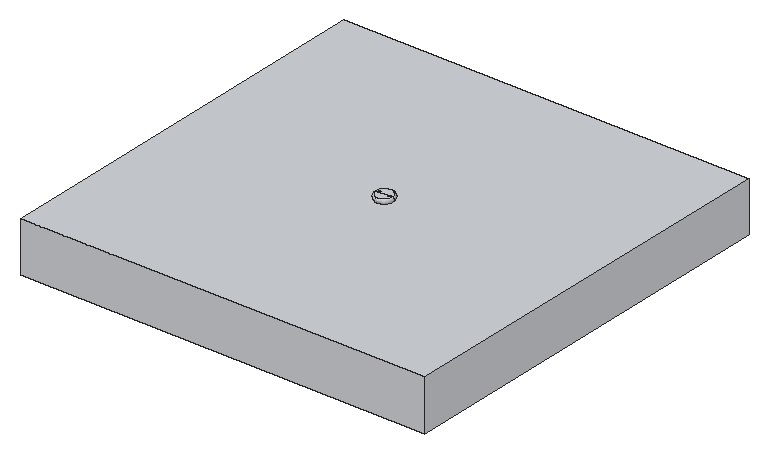
Revit family "M_Sensor de movimento do forro - Voltagem normal", category Dispositivos de iluminação, Revit 2019
Family settings
  Hospedeiro = Face
  Manter orientação da anotação = Sim
  Cota do conector redondo = Utilizar diâmetro
  Tipo de parte = Interruptor
  Número OmniClass = 23.85.80.11.27
  Título OmniClass = Lighting Controls
  ID de item do Seek = Ceiling Occupancy Sensor - Regular Voltage-0000-CAN-ENU
  Corte com vazios quando carregada = Não
  Compartilhado = Não
  Ponto de cálculo do ambiente = Não
Parameters (values of type "Ultra sônico - 277 V")
  Visibilidade 2 = no
  Visibilidade 3 = yes
  Visibilidade 1 = no
  Voltagem do sensor = 277 V
  Número de pólos do sensor = 1
  Classificação de carga = Outros
  Material da Lente = none
  Elevação-padrão = 1200 mm
  Raio do recobrimento = 57 mm
  Material do recobrimento = none
  Altura do recobrimento = 25 mm
  Diâmetro do recobrimento = Raio do recobrimento * 2  # 114 mm
  Carga aparente = 0 VA
Types (7, lengths in mm): name | Visibilidade 2 | Visibilidade 3 | Visibilidade 1 | Voltagem do sensor
  (no name) | no | yes | no | 277 V
  Infravermelho passivo - 120 V | yes | no | yes | 120 V
  Ultra sônico - 120 V | no | yes | no | 120 V
  Tecnologia dual - 120 V | yes | yes | no | 120 V
  Infravermelho passivo - 277 V | yes | no | yes | 277 V
  Ultra sônico - 277 V | no | yes | no | 277 V
  Tecnologia dual - 277 V | yes | yes | no | 277 V
Reference planes
  plane 1 "Centro (Frente/Trás)": y = 0
  plane 2: z = 0
  plane 3 "Centro (Esquerda/Direita)": x = 0
  plane 4: x = 57
  plane 5: x = -57
  plane 6: x = -50.8
  plane 7: x = 50.8
  plane 8: z = 25
  plane 9: z = 12.5
  plane 10: x = 19.05
  plane 11: x = -31.75
  plane 12: x = 31.75
  plane 13: y = 57
  plane 14: y = -57
Forms (mm)
  Extrusion 1, solid
    sketch origin (0, 0, 0) x (1, 0, 0) y (0, 1, 0)
      loop
        line (-1219.2, 1219.2) -> (-1219.2, -1219.2) -> (1219.2, -1219.2) -> (1219.2, 1219.2) -> (-1219.2, 1219.2)
    from 0 to -304.8
  Revolve 2, solid, material <- "Material do recobrimento", visible <- "Visibilidade 3"
    sketch origin (0, 0, 0) x (1, 0, 0) y (0, 0, 1)
      loop
        arc (-50.8, 25) -> (-56.99, 12.5) -> (-50.8, 0) r 15.715
        line (-50.8, 0) -> (0, 0) -> (0, 25) -> (-50.8, 25)
      axis (0, 25) -> (0, 0)
    angle from 0 to 360
  Revolve 3, solid, material <- "Material da Lente", visible <- "Visibilidade 2"
    sketch origin (0, 0, 0) x (1, 0, 0) y (0, 0, 1)
      loop
        line (0, 25) -> (19.05, 25)
        arc (19.05, 25) -> (10.053, 29.78) -> (0, 31.431) r 31.431
        line (0, 31.431) -> (0, 25)
      axis (0, 31.431) -> (0, 25)
    angle from 0 to 360
  Extrusion 4, void
    sketch origin (0, 0, 0) x (1, 0, 0) y (0, 1, 0)
      loop
        circle (-31.75, 0) r 6.35
    from 12.5 to 25
  Extrusion 5, void
    sketch origin (0, 0, 0) x (1, 0, 0) y (0, 1, 0)
      loop
        circle (31.75, 0) r 6.35
    from 12.5 to 25
  Revolve 6, solid, material <- "Material do recobrimento", visible <- "Visibilidade 1"
    sketch origin (0, 0, 0) x (1, 0, 0) y (0, 0, 1)
      loop
        arc (-50.8, 25) -> (-56.99, 12.5) -> (-50.8, 0) r 15.715
        line (-50.8, 0) -> (0, 0) -> (0, 25) -> (-50.8, 25)
      axis (0, 25) -> (0, 0)
    angle from 0 to 360
Cuts and joins
  Extrusion 4, Extrusion 5 cuts Revolve 2
Lines and regions (mm)
  symbolic lines, detail levels coarse+medium
    curve 1: line (-57, 0, 0) -> (0, 57, 0)
    curve 2: line (0, 57, 0) -> (57, 0, 0)
    curve 3: line (57, 0, 0) -> (0, -57, 0)
    curve 4: line (0, -57, 0) -> (-57, 0, 0)
  symbolic lines, detail levels fine
    curve 5: circle (0, 0, 0) r 57 normal (0, 0, 1)
    curve 6: circle (0, 0, 0) r 50.8 normal (0, 0, 1)
  symbolic lines, visible <- "Visibilidade 2", detail levels fine
    curve 7: circle (0, 0, 0) r 19.05 normal (0, 0, 1)
  symbolic lines, visible <- "Visibilidade 3", detail levels fine
    curve 8: circle (31.75, 0, 0) r 6.35 normal (0, 0, 1)
    curve 9: circle (-31.75, 0, 0) r 6.35 normal (0, 0, 1)
Dimensions and locks
  equal spacing: plane 5, plane 3 "Centro (Esquerda/Direita)", plane 4
  "Diâmetro do recobrimento": plane 5 to plane 4
  plane 7 to plane 3 "Centro (Esquerda/Direita)" to plane 6 = 50.8 mm locked, 50.8 mm locked
  locked: plane 10 to plane 3 "Centro (Esquerda/Direita)" at 19.05
  plane 11 to plane 3 "Centro (Esquerda/Direita)" to plane 12 = 31.75 mm locked, 31.75 mm locked
  equal spacing: plane 14, plane 1 "Centro (Frente/Trás)", plane 13
  "Diâmetro do recobrimento": plane 14 to plane 13
  equal spacing: plane 8, plane 9, plane 2
  "Altura do recobrimento": plane 8 to plane 2
  radius of Extrusion 4 sketch curve = 6.35 mm
  radius of Extrusion 5 sketch curve = 6.35 mm
  "Raio do recobrimento": radius of curve 5
  radius of curve 6 = 50.8 mm
  radius of curve 7 = 19.05 mm
  radius of curve 8 = 6.35 mm
  radius of curve 9 = 6.35 mm
  aligned and locked: plane 2 to Extrusion 1
  aligned and locked: level to Extrusion 1
  aligned and locked: Revolve 2 sketch curve to plane 8
  aligned and locked: Extrusion 1 to Revolve 2 sketch curve  (x2)
  aligned and locked: Revolve 2 sketch curve to plane 3 "Centro (Esquerda/Direita)"  (x2)
  aligned and locked: plane 6 to Revolve 2 sketch curve  (x2)
  aligned and locked: plane 8 to Revolve 2 sketch curve
  aligned and locked: Revolve 3 sketch curve to plane 8
  aligned and locked: plane 10 to Revolve 3 sketch curve
  aligned and locked: plane 3 "Centro (Esquerda/Direita)" to Revolve 3 sketch curve
  aligned and locked: Revolve 3 sketch curve to plane 3 "Centro (Esquerda/Direita)"
  aligned and locked: plane 8 to Revolve 3 sketch curve
  aligned and locked: plane 1 "Centro (Frente/Trás)" to Extrusion 4 sketch curve
  aligned and locked: plane 11 to Extrusion 4 sketch curve
  aligned and locked: plane 1 "Centro (Frente/Trás)" to Extrusion 5 sketch curve
  aligned and locked: plane 12 to Extrusion 5 sketch curve
  aligned and locked: plane 8 to cut or joined group of Revolve 2, Extrusion 4, Extrusion 5
  aligned and locked: plane 8 to Extrusion 4
  aligned and locked: Extrusion 4 to plane 9
  aligned and locked: plane 8 to Extrusion 5
  aligned and locked: Extrusion 5 to plane 9
  aligned and locked: Revolve 6 sketch curve to plane 8
  aligned and locked: plane 2 to Revolve 6 sketch curve  (x2)
  aligned and locked: Revolve 6 sketch curve to plane 3 "Centro (Esquerda/Direita)"  (x2)
  aligned and locked: plane 6 to Revolve 6 sketch curve  (x2)
  aligned and locked: plane 8 to Revolve 6 sketch curve
  aligned and locked: plane 1 "Centro (Frente/Trás)" to nested 1
  aligned and locked: plane 3 "Centro (Esquerda/Direita)" to nested 1
  aligned and locked: plane 1 "Centro (Frente/Trás)" to curve 5
  aligned and locked: plane 3 "Centro (Esquerda/Direita)" to curve 5
  aligned and locked: plane 1 "Centro (Frente/Trás)" to curve 6
  aligned and locked: plane 3 "Centro (Esquerda/Direita)" to curve 6
  aligned and locked: plane 1 "Centro (Frente/Trás)" to curve 7
  aligned and locked: plane 3 "Centro (Esquerda/Direita)" to curve 7
  aligned and locked: plane 1 "Centro (Frente/Trás)" to curve 8
  aligned and locked: plane 1 "Centro (Frente/Trás)" to curve 9
  aligned and locked: plane 12 to curve 8
  aligned and locked: plane 11 to curve 9
Automatic sketch dimensions
  Extrusion 1 sketch curve to Extrusion 1 sketch curve = 2438.4 mm  (x2)
  plane 6 to Revolve 2 sketch curve = 9.525 mm
  Revolve 3 sketch curve to level = 0 mm
  Revolve 3 sketch curve to Revolve 3 sketch curve = 0 mm
  plane 6 to Revolve 6 sketch curve = 9.525 mm
  curve 3 to plane 3 "Centro (Esquerda/Direita)" = 0 mm
  curve 2 to plane 1 "Centro (Frente/Trás)" = 0 mm
Nested families
  nested 1: "M_Anotação de legenda 3-32" at (0, 0, 0), type "Anotação de legenda 3-32", detail levels coarse+medium
Connectors
  electrical at (0, 0, 0), driven by "Carga aparente", driven by "Voltagem do sensor", driven by "Número de pólos do sensor", driven by "Classificação de carga"
    settings: on Revolve 6, index 1, voltage 277 V, apparent load 0 VA, apparent load phase1 0 VA, apparent load phase2 0 VA, apparent load phase3 0 VA, power factor 1, load classification "Outros", number of poles 1, system type 31, power factor state 1, is connector primary yes, connector utility no, sub classification motor no, connector description ""
  electrical at (0, 0, 25)
    settings: on Revolve 3, index 2, voltage 0 V, apparent load 0 VA, apparent load phase1 0 VA, apparent load phase2 0 VA, apparent load phase3 0 VA, power factor 1, load classification "Outros", number of poles 1, system type 13, power factor state 1, is connector primary no, connector utility no, sub classification motor no, connector description ""
Definition of nested family "M_Anotação de legenda 3-32"
  Parameters
    Legenda = "M"
  Reference planes
    plane 1: y = 0
    plane 2: x = 0
  Text (mm)
    label "Legenda" at (0.095, -0.088, 0), shows "Legenda"
